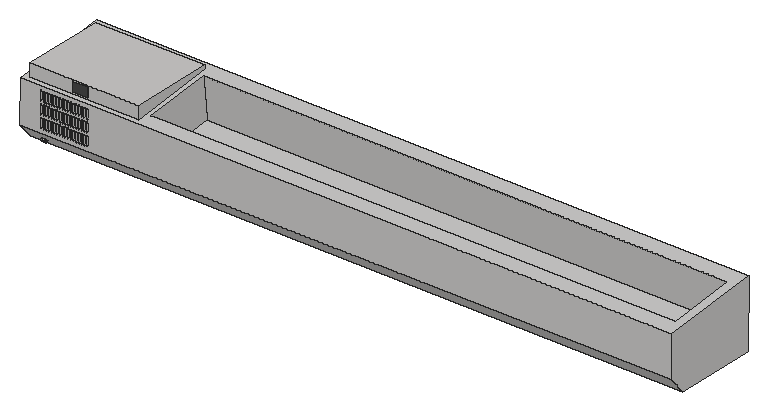
Revit family "QF_ELECTROLUXPROFESSIONAL_291216_ZVR2400H", category Specialty Equipment, Revit 2018
Family settings
  Round Connector Dimension = Use Diameter
  Part Type = Normal
  Work Plane-Based = No
  Always vertical = Yes
  Cut with Voids When Loaded = No
  Shared = No
  Room Calculation Point = No
Parameters
  Weight = 51.00 kg
  Watts = 0 W
  Volts = 0 V
  URL Manufacturer = ""
  URL = ""
  Steam Supply Size = 0 mm
  Steam Supply Minimum Pressure = 0.0 Pa
  Steam Supply Maximum Pressure = 0.0 Pa
  Steam Pounds per Hour = 0
  Show Clearence [instance] = yes
  Refrigeration Suction Line Size = 0 mm
  Refrigeration Liquid Line Size = 0 mm
  Refrigerant Compressor Remote = yes
  Manufacturer = ""
  Phase = 0
  Model = ""
  Length Actual = 2400 mm  # constant formula
  Item Number = ""
  Hot Water Size = 0 mm
  Height Actual = 250 mm  # constant formula
  HP = "0.3 HP"
  Gas Size = 0 mm
  Gas KW = 0
  Gas Input Pressure = 0 W
  Direct Waste Size = 0 mm
  Description = ""
  Depth Actual = 350 mm  # constant formula
  Cycle = 0 Hz
  Condensate Return Size = 0 mm
  Compressed Air Volume = 0.0 L/s
  Compressed Air Size = 0 mm
  Compressed Air Pressure = 0.0 Pa
  Cold Water Size = 0 mm
  Accessory = yes
Types (2, lengths in mm): name | Volts | URL Manufacturer | URL | Manufacturer | Phase | Model | Item Number | Description | Cycle
  (no name) | 0 V | "" | "" | "" | 0 | "" | "" | "" | 0 Hz
  Standard | 220 V | "http://professional.electrolux.com" | "http://professional.electrolux.com" | "Electrolux Professional" | 1 | "ZVR2400H" | "291216" | "BENCH TYPE REFRIGERATED SHOW CASE 2400MM R290" | 50 Hz
Reference planes
  plane 1 "Front": y = 0
  plane 2: z = 0
  plane 3 "Centro (Sinistra/Destra)": x = 0
  plane 4 "LEFT": x = -870
  plane 5 "RIGHT": x = 870
  plane 6 "BACK": y = 350
  plane 7: z = 150
  plane 8: z = 800
  plane 9: z = 840
  plane 10: z = 1005
  plane 11 "Left": x = -890
  plane 12 "Right": x = 1510
  plane 13: y = -1005
  plane 14: z = 1266
  plane 15: z = 1255
  plane 16: y = 50
  plane 17: z = 1218
  plane 18: y = 324
  plane 19: y = 20
  plane 20: x = -470
  plane 21: x = -452
  plane 22: x = 1479
  plane 23: y = 314
  plane 24: x = -851
  plane 25: x = 1471
Forms (mm)
  Extrusion 1, solid, material "QF_Finishes_Stainless Steel"
    sketch origin (0, 0, 0) x (0, 1, 0) y (0, 0, 1)
      loop
        line (350, 1005) -> (350, 1255) -> (0, 1218) -> (0, 1064.588) -> (50, 1005) -> (350, 1005)
    from -890 to 1510
  Extrusion 2, void
    sketch origin (0, 349.805, 1254.979) x (0, 0.994459, 0.105128) y (1, 0, 0)
      loop
        line (-54.87, 1479) -> (-298.31, 1479) -> (-298.31, -452) -> (-54.87, -452) -> (-54.87, 1479)
    from 0 to 154
  Extrusion 3, solid, material "QF_Finishes_Stainless Steel"
    sketch origin (0, 0, 0) x (0, 1, 0) y (0, 0, 1)
      loop
        line (20, 1220.114) -> (324, 1252.251) -> (324, 1266) -> (20, 1266) -> (20, 1220.114)
    from -870 to -470
  Extrusion 4, solid, material "QF_Finishes_Stainless Steel"
    sketch origin (-41.117, 58.099, 995.348) x (0, -0.642788, 0.766044) y (-1, 0, 0)
      loop
        circle (32.613, 788.883) r 10
    from 0 to 5
  Extrusion 5, solid, material "QF_Finishes_Black"
    sketch origin (0, 20, 1220.114) x (0, 0, 1) y (-1, 0, 0)
      loop
        line (40.886, 712.5) -> (5.979, 712.5) -> (5.979, 657.5) -> (40.886, 657.5) -> (40.886, 712.5)
    from 0 to 2
  Extrusion 6, void
    sketch origin (0, 0, 1234.854) x (0, 0, 1) y (1, 0, 0)
      loop
        arc (-32.985, -814.899) -> (-29.86, -811.774) -> (-32.985, -808.649) r 3.125
        line (-32.985, -808.649) -> (-62.985, -808.649)
        arc (-62.985, -808.649) -> (-66.11, -811.774) -> (-62.985, -814.899) r 3.125
        line (-62.985, -814.899) -> (-32.985, -814.899)
      loop
        arc (-77.985, -814.899) -> (-74.86, -811.774) -> (-77.985, -808.649) r 3.125
        line (-77.985, -808.649) -> (-107.985, -808.649)
        arc (-107.985, -808.649) -> (-111.11, -811.774) -> (-107.985, -814.899) r 3.125
        line (-107.985, -814.899) -> (-77.985, -814.899)
      loop
        arc (-122.985, -814.899) -> (-119.86, -811.774) -> (-122.985, -808.649) r 3.125
        line (-122.985, -808.649) -> (-152.985, -808.649)
        arc (-152.985, -808.649) -> (-156.11, -811.774) -> (-152.985, -814.899) r 3.125
        line (-152.985, -814.899) -> (-122.985, -814.899)
      loop
        arc (-32.985, -804.899) -> (-29.86, -801.774) -> (-32.985, -798.649) r 3.125
        line (-32.985, -798.649) -> (-62.985, -798.649)
        arc (-62.985, -798.649) -> (-66.11, -801.774) -> (-62.985, -804.899) r 3.125
        line (-62.985, -804.899) -> (-32.985, -804.899)
      loop
        arc (-77.985, -804.899) -> (-74.86, -801.774) -> (-77.985, -798.649) r 3.125
        line (-77.985, -798.649) -> (-107.985, -798.649)
        arc (-107.985, -798.649) -> (-111.11, -801.774) -> (-107.985, -804.899) r 3.125
        line (-107.985, -804.899) -> (-77.985, -804.899)
      loop
        arc (-122.985, -804.899) -> (-119.86, -801.774) -> (-122.985, -798.649) r 3.125
        line (-122.985, -798.649) -> (-152.985, -798.649)
        arc (-152.985, -798.649) -> (-156.11, -801.774) -> (-152.985, -804.899) r 3.125
        line (-152.985, -804.899) -> (-122.985, -804.899)
      loop
        arc (-32.985, -794.899) -> (-29.86, -791.774) -> (-32.985, -788.649) r 3.125
        line (-32.985, -788.649) -> (-62.985, -788.649)
        arc (-62.985, -788.649) -> (-66.11, -791.774) -> (-62.985, -794.899) r 3.125
        line (-62.985, -794.899) -> (-32.985, -794.899)
      loop
        arc (-77.985, -794.899) -> (-74.86, -791.774) -> (-77.985, -788.649) r 3.125
        line (-77.985, -788.649) -> (-107.985, -788.649)
        arc (-107.985, -788.649) -> (-111.11, -791.774) -> (-107.985, -794.899) r 3.125
        line (-107.985, -794.899) -> (-77.985, -794.899)
      loop
        arc (-122.985, -794.899) -> (-119.86, -791.774) -> (-122.985, -788.649) r 3.125
        line (-122.985, -788.649) -> (-152.985, -788.649)
        arc (-152.985, -788.649) -> (-156.11, -791.774) -> (-152.985, -794.899) r 3.125
        line (-152.985, -794.899) -> (-122.985, -794.899)
      loop
        arc (-32.985, -784.899) -> (-29.86, -781.774) -> (-32.985, -778.649) r 3.125
        line (-32.985, -778.649) -> (-62.985, -778.649)
        arc (-62.985, -778.649) -> (-66.11, -781.774) -> (-62.985, -784.899) r 3.125
        line (-62.985, -784.899) -> (-32.985, -784.899)
      loop
        arc (-77.985, -784.899) -> (-74.86, -781.774) -> (-77.985, -778.649) r 3.125
        line (-77.985, -778.649) -> (-107.985, -778.649)
        arc (-107.985, -778.649) -> (-111.11, -781.774) -> (-107.985, -784.899) r 3.125
        line (-107.985, -784.899) -> (-77.985, -784.899)
      loop
        arc (-122.985, -784.899) -> (-119.86, -781.774) -> (-122.985, -778.649) r 3.125
        line (-122.985, -778.649) -> (-152.985, -778.649)
        arc (-152.985, -778.649) -> (-156.11, -781.774) -> (-152.985, -784.899) r 3.125
        line (-152.985, -784.899) -> (-122.985, -784.899)
      loop
        arc (-32.985, -774.899) -> (-29.86, -771.774) -> (-32.985, -768.649) r 3.125
        line (-32.985, -768.649) -> (-62.985, -768.649)
        arc (-62.985, -768.649) -> (-66.11, -771.774) -> (-62.985, -774.899) r 3.125
        line (-62.985, -774.899) -> (-32.985, -774.899)
      loop
        arc (-77.985, -774.899) -> (-74.86, -771.774) -> (-77.985, -768.649) r 3.125
        line (-77.985, -768.649) -> (-107.985, -768.649)
        arc (-107.985, -768.649) -> (-111.11, -771.774) -> (-107.985, -774.899) r 3.125
        line (-107.985, -774.899) -> (-77.985, -774.899)
      loop
        arc (-122.985, -774.899) -> (-119.86, -771.774) -> (-122.985, -768.649) r 3.125
        line (-122.985, -768.649) -> (-152.985, -768.649)
        arc (-152.985, -768.649) -> (-156.11, -771.774) -> (-152.985, -774.899) r 3.125
        line (-152.985, -774.899) -> (-122.985, -774.899)
      loop
        arc (-32.985, -764.899) -> (-29.86, -761.774) -> (-32.985, -758.649) r 3.125
        line (-32.985, -758.649) -> (-62.985, -758.649)
        arc (-62.985, -758.649) -> (-66.11, -761.774) -> (-62.985, -764.899) r 3.125
        line (-62.985, -764.899) -> (-32.985, -764.899)
      loop
        arc (-77.985, -764.899) -> (-74.86, -761.774) -> (-77.985, -758.649) r 3.125
        line (-77.985, -758.649) -> (-107.985, -758.649)
        arc (-107.985, -758.649) -> (-111.11, -761.774) -> (-107.985, -764.899) r 3.125
        line (-107.985, -764.899) -> (-77.985, -764.899)
      loop
        arc (-122.985, -764.899) -> (-119.86, -761.774) -> (-122.985, -758.649) r 3.125
        line (-122.985, -758.649) -> (-152.985, -758.649)
        arc (-152.985, -758.649) -> (-156.11, -761.774) -> (-152.985, -764.899) r 3.125
        line (-152.985, -764.899) -> (-122.985, -764.899)
      loop
        arc (-32.985, -754.899) -> (-29.86, -751.774) -> (-32.985, -748.649) r 3.125
        line (-32.985, -748.649) -> (-62.985, -748.649)
        arc (-62.985, -748.649) -> (-66.11, -751.774) -> (-62.985, -754.899) r 3.125
        line (-62.985, -754.899) -> (-32.985, -754.899)
      loop
        arc (-77.985, -754.899) -> (-74.86, -751.774) -> (-77.985, -748.649) r 3.125
        line (-77.985, -748.649) -> (-107.985, -748.649)
        arc (-107.985, -748.649) -> (-111.11, -751.774) -> (-107.985, -754.899) r 3.125
        line (-107.985, -754.899) -> (-77.985, -754.899)
      loop
        arc (-122.985, -754.899) -> (-119.86, -751.774) -> (-122.985, -748.649) r 3.125
        line (-122.985, -748.649) -> (-152.985, -748.649)
        arc (-152.985, -748.649) -> (-156.11, -751.774) -> (-152.985, -754.899) r 3.125
        line (-152.985, -754.899) -> (-122.985, -754.899)
      loop
        arc (-32.985, -744.899) -> (-29.86, -741.774) -> (-32.985, -738.649) r 3.125
        line (-32.985, -738.649) -> (-62.985, -738.649)
        arc (-62.985, -738.649) -> (-66.11, -741.774) -> (-62.985, -744.899) r 3.125
        line (-62.985, -744.899) -> (-32.985, -744.899)
      loop
        arc (-77.985, -744.899) -> (-74.86, -741.774) -> (-77.985, -738.649) r 3.125
        line (-77.985, -738.649) -> (-107.985, -738.649)
        arc (-107.985, -738.649) -> (-111.11, -741.774) -> (-107.985, -744.899) r 3.125
        line (-107.985, -744.899) -> (-77.985, -744.899)
      loop
        arc (-122.985, -744.899) -> (-119.86, -741.774) -> (-122.985, -738.649) r 3.125
        line (-122.985, -738.649) -> (-152.985, -738.649)
        arc (-152.985, -738.649) -> (-156.11, -741.774) -> (-152.985, -744.899) r 3.125
        line (-152.985, -744.899) -> (-122.985, -744.899)
      loop
        arc (-32.985, -734.899) -> (-29.86, -731.774) -> (-32.985, -728.649) r 3.125
        line (-32.985, -728.649) -> (-62.985, -728.649)
        arc (-62.985, -728.649) -> (-66.11, -731.774) -> (-62.985, -734.899) r 3.125
        line (-62.985, -734.899) -> (-32.985, -734.899)
      loop
        arc (-77.985, -734.899) -> (-74.86, -731.774) -> (-77.985, -728.649) r 3.125
        line (-77.985, -728.649) -> (-107.985, -728.649)
        arc (-107.985, -728.649) -> (-111.11, -731.774) -> (-107.985, -734.899) r 3.125
        line (-107.985, -734.899) -> (-77.985, -734.899)
      loop
        arc (-122.985, -734.899) -> (-119.86, -731.774) -> (-122.985, -728.649) r 3.125
        line (-122.985, -728.649) -> (-152.985, -728.649)
        arc (-152.985, -728.649) -> (-156.11, -731.774) -> (-152.985, -734.899) r 3.125
        line (-152.985, -734.899) -> (-122.985, -734.899)
      loop
        arc (-32.985, -724.899) -> (-29.86, -721.774) -> (-32.985, -718.649) r 3.125
        line (-32.985, -718.649) -> (-62.985, -718.649)
        arc (-62.985, -718.649) -> (-66.11, -721.774) -> (-62.985, -724.899) r 3.125
        line (-62.985, -724.899) -> (-32.985, -724.899)
      loop
        arc (-77.985, -724.899) -> (-74.86, -721.774) -> (-77.985, -718.649) r 3.125
        line (-77.985, -718.649) -> (-107.985, -718.649)
        arc (-107.985, -718.649) -> (-111.11, -721.774) -> (-107.985, -724.899) r 3.125
        line (-107.985, -724.899) -> (-77.985, -724.899)
      loop
        arc (-122.985, -724.899) -> (-119.86, -721.774) -> (-122.985, -718.649) r 3.125
        line (-122.985, -718.649) -> (-152.985, -718.649)
        arc (-152.985, -718.649) -> (-156.11, -721.774) -> (-152.985, -724.899) r 3.125
        line (-152.985, -724.899) -> (-122.985, -724.899)
      loop
        arc (-32.985, -714.899) -> (-29.86, -711.774) -> (-32.985, -708.649) r 3.125
        line (-32.985, -708.649) -> (-62.985, -708.649)
        arc (-62.985, -708.649) -> (-66.11, -711.774) -> (-62.985, -714.899) r 3.125
        line (-62.985, -714.899) -> (-32.985, -714.899)
      loop
        arc (-77.985, -714.899) -> (-74.86, -711.774) -> (-77.985, -708.649) r 3.125
        line (-77.985, -708.649) -> (-107.985, -708.649)
        arc (-107.985, -708.649) -> (-111.11, -711.774) -> (-107.985, -714.899) r 3.125
        line (-107.985, -714.899) -> (-77.985, -714.899)
      loop
        arc (-122.985, -714.899) -> (-119.86, -711.774) -> (-122.985, -708.649) r 3.125
        line (-122.985, -708.649) -> (-152.985, -708.649)
        arc (-152.985, -708.649) -> (-156.11, -711.774) -> (-152.985, -714.899) r 3.125
        line (-152.985, -714.899) -> (-122.985, -714.899)
      loop
        arc (-32.985, -704.899) -> (-29.86, -701.774) -> (-32.985, -698.649) r 3.125
        line (-32.985, -698.649) -> (-62.985, -698.649)
        arc (-62.985, -698.649) -> (-66.11, -701.774) -> (-62.985, -704.899) r 3.125
        line (-62.985, -704.899) -> (-32.985, -704.899)
      loop
        arc (-77.985, -704.899) -> (-74.86, -701.774) -> (-77.985, -698.649) r 3.125
        line (-77.985, -698.649) -> (-107.985, -698.649)
        arc (-107.985, -698.649) -> (-111.11, -701.774) -> (-107.985, -704.899) r 3.125
        line (-107.985, -704.899) -> (-77.985, -704.899)
      loop
        arc (-122.985, -704.899) -> (-119.86, -701.774) -> (-122.985, -698.649) r 3.125
        line (-122.985, -698.649) -> (-152.985, -698.649)
        arc (-152.985, -698.649) -> (-156.11, -701.774) -> (-152.985, -704.899) r 3.125
        line (-152.985, -704.899) -> (-122.985, -704.899)
      loop
        arc (-32.985, -694.899) -> (-29.86, -691.774) -> (-32.985, -688.649) r 3.125
        line (-32.985, -688.649) -> (-62.985, -688.649)
        arc (-62.985, -688.649) -> (-66.11, -691.774) -> (-62.985, -694.899) r 3.125
        line (-62.985, -694.899) -> (-32.985, -694.899)
      loop
        arc (-77.985, -694.899) -> (-74.86, -691.774) -> (-77.985, -688.649) r 3.125
        line (-77.985, -688.649) -> (-107.985, -688.649)
        arc (-107.985, -688.649) -> (-111.11, -691.774) -> (-107.985, -694.899) r 3.125
        line (-107.985, -694.899) -> (-77.985, -694.899)
      loop
        arc (-122.985, -694.899) -> (-119.86, -691.774) -> (-122.985, -688.649) r 3.125
        line (-122.985, -688.649) -> (-152.985, -688.649)
        arc (-152.985, -688.649) -> (-156.11, -691.774) -> (-152.985, -694.899) r 3.125
        line (-152.985, -694.899) -> (-122.985, -694.899)
      loop
        arc (-32.985, -684.899) -> (-29.86, -681.774) -> (-32.985, -678.649) r 3.125
        line (-32.985, -678.649) -> (-62.985, -678.649)
        arc (-62.985, -678.649) -> (-66.11, -681.774) -> (-62.985, -684.899) r 3.125
        line (-62.985, -684.899) -> (-32.985, -684.899)
      loop
        arc (-77.985, -684.899) -> (-74.86, -681.774) -> (-77.985, -678.649) r 3.125
        line (-77.985, -678.649) -> (-107.985, -678.649)
        arc (-107.985, -678.649) -> (-111.11, -681.774) -> (-107.985, -684.899) r 3.125
        line (-107.985, -684.899) -> (-77.985, -684.899)
      loop
        arc (-122.985, -684.899) -> (-119.86, -681.774) -> (-122.985, -678.649) r 3.125
        line (-122.985, -678.649) -> (-152.985, -678.649)
        arc (-152.985, -678.649) -> (-156.11, -681.774) -> (-152.985, -684.899) r 3.125
        line (-152.985, -684.899) -> (-122.985, -684.899)
      loop
        arc (-32.985, -674.899) -> (-29.86, -671.774) -> (-32.985, -668.649) r 3.125
        line (-32.985, -668.649) -> (-62.985, -668.649)
        arc (-62.985, -668.649) -> (-66.11, -671.774) -> (-62.985, -674.899) r 3.125
        line (-62.985, -674.899) -> (-32.985, -674.899)
      loop
        arc (-77.985, -674.899) -> (-74.86, -671.774) -> (-77.985, -668.649) r 3.125
        line (-77.985, -668.649) -> (-107.985, -668.649)
        arc (-107.985, -668.649) -> (-111.11, -671.774) -> (-107.985, -674.899) r 3.125
        line (-107.985, -674.899) -> (-77.985, -674.899)
      loop
        arc (-122.985, -674.899) -> (-119.86, -671.774) -> (-122.985, -668.649) r 3.125
        line (-122.985, -668.649) -> (-152.985, -668.649)
        arc (-152.985, -668.649) -> (-156.11, -671.774) -> (-152.985, -674.899) r 3.125
        line (-152.985, -674.899) -> (-122.985, -674.899)
      loop
        arc (-32.985, -664.899) -> (-29.86, -661.774) -> (-32.985, -658.649) r 3.125
        line (-32.985, -658.649) -> (-62.985, -658.649)
        arc (-62.985, -658.649) -> (-66.11, -661.774) -> (-62.985, -664.899) r 3.125
        line (-62.985, -664.899) -> (-32.985, -664.899)
      loop
        arc (-77.985, -664.899) -> (-74.86, -661.774) -> (-77.985, -658.649) r 3.125
        line (-77.985, -658.649) -> (-107.985, -658.649)
        arc (-107.985, -658.649) -> (-111.11, -661.774) -> (-107.985, -664.899) r 3.125
        line (-107.985, -664.899) -> (-77.985, -664.899)
      loop
        arc (-122.985, -664.899) -> (-119.86, -661.774) -> (-122.985, -658.649) r 3.125
        line (-122.985, -658.649) -> (-152.985, -658.649)
        arc (-152.985, -658.649) -> (-156.11, -661.774) -> (-152.985, -664.899) r 3.125
        line (-152.985, -664.899) -> (-122.985, -664.899)
      loop
        arc (-32.985, -654.899) -> (-29.86, -651.774) -> (-32.985, -648.649) r 3.125
        line (-32.985, -648.649) -> (-62.985, -648.649)
        arc (-62.985, -648.649) -> (-66.11, -651.774) -> (-62.985, -654.899) r 3.125
        line (-62.985, -654.899) -> (-32.985, -654.899)
      loop
        arc (-77.985, -654.899) -> (-74.86, -651.774) -> (-77.985, -648.649) r 3.125
        line (-77.985, -648.649) -> (-107.985, -648.649)
        arc (-107.985, -648.649) -> (-111.11, -651.774) -> (-107.985, -654.899) r 3.125
        line (-107.985, -654.899) -> (-77.985, -654.899)
      loop
        arc (-122.985, -654.899) -> (-119.86, -651.774) -> (-122.985, -648.649) r 3.125
        line (-122.985, -648.649) -> (-152.985, -648.649)
        arc (-152.985, -648.649) -> (-156.11, -651.774) -> (-152.985, -654.899) r 3.125
        line (-152.985, -654.899) -> (-122.985, -654.899)
      loop
        arc (-32.985, -644.899) -> (-29.86, -641.774) -> (-32.985, -638.649) r 3.125
        line (-32.985, -638.649) -> (-62.985, -638.649)
        arc (-62.985, -638.649) -> (-66.11, -641.774) -> (-62.985, -644.899) r 3.125
        line (-62.985, -644.899) -> (-32.985, -644.899)
      loop
        arc (-77.985, -644.899) -> (-74.86, -641.774) -> (-77.985, -638.649) r 3.125
        line (-77.985, -638.649) -> (-107.985, -638.649)
        arc (-107.985, -638.649) -> (-111.11, -641.774) -> (-107.985, -644.899) r 3.125
        line (-107.985, -644.899) -> (-77.985, -644.899)
      loop
        arc (-122.985, -644.899) -> (-119.86, -641.774) -> (-122.985, -638.649) r 3.125
        line (-122.985, -638.649) -> (-152.985, -638.649)
        arc (-152.985, -638.649) -> (-156.11, -641.774) -> (-152.985, -644.899) r 3.125
        line (-152.985, -644.899) -> (-122.985, -644.899)
    from 0 to 5
  Extrusion 7, void
    sketch origin (-890, -490.899, 1244.854) x (0, 0, 1) y (0, -1, 0)
      loop
        arc (-22.985, -814.899) -> (-19.86, -811.774) -> (-22.985, -808.649) r 3.125
        line (-22.985, -808.649) -> (-52.985, -808.649)
        arc (-52.985, -808.649) -> (-56.11, -811.774) -> (-52.985, -814.899) r 3.125
        line (-52.985, -814.899) -> (-22.985, -814.899)
      loop
        arc (-67.985, -814.899) -> (-64.86, -811.774) -> (-67.985, -808.649) r 3.125
        line (-67.985, -808.649) -> (-97.985, -808.649)
        arc (-97.985, -808.649) -> (-101.11, -811.774) -> (-97.985, -814.899) r 3.125
        line (-97.985, -814.899) -> (-67.985, -814.899)
      loop
        arc (-112.985, -814.899) -> (-109.86, -811.774) -> (-112.985, -808.649) r 3.125
        line (-112.985, -808.649) -> (-142.985, -808.649)
        arc (-142.985, -808.649) -> (-146.11, -811.774) -> (-142.985, -814.899) r 3.125
        line (-142.985, -814.899) -> (-112.985, -814.899)
      loop
        arc (-22.985, -804.899) -> (-19.86, -801.774) -> (-22.985, -798.649) r 3.125
        line (-22.985, -798.649) -> (-52.985, -798.649)
        arc (-52.985, -798.649) -> (-56.11, -801.774) -> (-52.985, -804.899) r 3.125
        line (-52.985, -804.899) -> (-22.985, -804.899)
      loop
        arc (-67.985, -804.899) -> (-64.86, -801.774) -> (-67.985, -798.649) r 3.125
        line (-67.985, -798.649) -> (-97.985, -798.649)
        arc (-97.985, -798.649) -> (-101.11, -801.774) -> (-97.985, -804.899) r 3.125
        line (-97.985, -804.899) -> (-67.985, -804.899)
      loop
        arc (-112.985, -804.899) -> (-109.86, -801.774) -> (-112.985, -798.649) r 3.125
        line (-112.985, -798.649) -> (-142.985, -798.649)
        arc (-142.985, -798.649) -> (-146.11, -801.774) -> (-142.985, -804.899) r 3.125
        line (-142.985, -804.899) -> (-112.985, -804.899)
      loop
        arc (-22.985, -794.899) -> (-19.86, -791.774) -> (-22.985, -788.649) r 3.125
        line (-22.985, -788.649) -> (-52.985, -788.649)
        arc (-52.985, -788.649) -> (-56.11, -791.774) -> (-52.985, -794.899) r 3.125
        line (-52.985, -794.899) -> (-22.985, -794.899)
      loop
        arc (-67.985, -794.899) -> (-64.86, -791.774) -> (-67.985, -788.649) r 3.125
        line (-67.985, -788.649) -> (-97.985, -788.649)
        arc (-97.985, -788.649) -> (-101.11, -791.774) -> (-97.985, -794.899) r 3.125
        line (-97.985, -794.899) -> (-67.985, -794.899)
      loop
        arc (-112.985, -794.899) -> (-109.86, -791.774) -> (-112.985, -788.649) r 3.125
        line (-112.985, -788.649) -> (-142.985, -788.649)
        arc (-142.985, -788.649) -> (-146.11, -791.774) -> (-142.985, -794.899) r 3.125
        line (-142.985, -794.899) -> (-112.985, -794.899)
      loop
        arc (-22.985, -784.899) -> (-19.86, -781.774) -> (-22.985, -778.649) r 3.125
        line (-22.985, -778.649) -> (-52.985, -778.649)
        arc (-52.985, -778.649) -> (-56.11, -781.774) -> (-52.985, -784.899) r 3.125
        line (-52.985, -784.899) -> (-22.985, -784.899)
      loop
        arc (-67.985, -784.899) -> (-64.86, -781.774) -> (-67.985, -778.649) r 3.125
        line (-67.985, -778.649) -> (-97.985, -778.649)
        arc (-97.985, -778.649) -> (-101.11, -781.774) -> (-97.985, -784.899) r 3.125
        line (-97.985, -784.899) -> (-67.985, -784.899)
      loop
        arc (-112.985, -784.899) -> (-109.86, -781.774) -> (-112.985, -778.649) r 3.125
        line (-112.985, -778.649) -> (-142.985, -778.649)
        arc (-142.985, -778.649) -> (-146.11, -781.774) -> (-142.985, -784.899) r 3.125
        line (-142.985, -784.899) -> (-112.985, -784.899)
      loop
        arc (-22.985, -774.899) -> (-19.86, -771.774) -> (-22.985, -768.649) r 3.125
        line (-22.985, -768.649) -> (-52.985, -768.649)
        arc (-52.985, -768.649) -> (-56.11, -771.774) -> (-52.985, -774.899) r 3.125
        line (-52.985, -774.899) -> (-22.985, -774.899)
      loop
        arc (-67.985, -774.899) -> (-64.86, -771.774) -> (-67.985, -768.649) r 3.125
        line (-67.985, -768.649) -> (-97.985, -768.649)
        arc (-97.985, -768.649) -> (-101.11, -771.774) -> (-97.985, -774.899) r 3.125
        line (-97.985, -774.899) -> (-67.985, -774.899)
      loop
        arc (-112.985, -774.899) -> (-109.86, -771.774) -> (-112.985, -768.649) r 3.125
        line (-112.985, -768.649) -> (-142.985, -768.649)
        arc (-142.985, -768.649) -> (-146.11, -771.774) -> (-142.985, -774.899) r 3.125
        line (-142.985, -774.899) -> (-112.985, -774.899)
      loop
        arc (-67.985, -764.899) -> (-64.86, -761.774) -> (-67.985, -758.649) r 3.125
        line (-67.985, -758.649) -> (-97.985, -758.649)
        arc (-97.985, -758.649) -> (-101.11, -761.774) -> (-97.985, -764.899) r 3.125
        line (-97.985, -764.899) -> (-67.985, -764.899)
      loop
        arc (-112.985, -764.899) -> (-109.86, -761.774) -> (-112.985, -758.649) r 3.125
        line (-112.985, -758.649) -> (-142.985, -758.649)
        arc (-142.985, -758.649) -> (-146.11, -761.774) -> (-142.985, -764.899) r 3.125
        line (-142.985, -764.899) -> (-112.985, -764.899)
      loop
        arc (-22.985, -754.899) -> (-19.86, -751.774) -> (-22.985, -748.649) r 3.125
        line (-22.985, -748.649) -> (-52.985, -748.649)
        arc (-52.985, -748.649) -> (-56.11, -751.774) -> (-52.985, -754.899) r 3.125
        line (-52.985, -754.899) -> (-22.985, -754.899)
      loop
        arc (-67.985, -754.899) -> (-64.86, -751.774) -> (-67.985, -748.649) r 3.125
        line (-67.985, -748.649) -> (-97.985, -748.649)
        arc (-97.985, -748.649) -> (-101.11, -751.774) -> (-97.985, -754.899) r 3.125
        line (-97.985, -754.899) -> (-67.985, -754.899)
      loop
        arc (-112.985, -754.899) -> (-109.86, -751.774) -> (-112.985, -748.649) r 3.125
        line (-112.985, -748.649) -> (-142.985, -748.649)
        arc (-142.985, -748.649) -> (-146.11, -751.774) -> (-142.985, -754.899) r 3.125
        line (-142.985, -754.899) -> (-112.985, -754.899)
      loop
        arc (-22.985, -744.899) -> (-19.86, -741.774) -> (-22.985, -738.649) r 3.125
        line (-22.985, -738.649) -> (-52.985, -738.649)
        arc (-52.985, -738.649) -> (-56.11, -741.774) -> (-52.985, -744.899) r 3.125
        line (-52.985, -744.899) -> (-22.985, -744.899)
      loop
        arc (-67.985, -744.899) -> (-64.86, -741.774) -> (-67.985, -738.649) r 3.125
        line (-67.985, -738.649) -> (-97.985, -738.649)
        arc (-97.985, -738.649) -> (-101.11, -741.774) -> (-97.985, -744.899) r 3.125
        line (-97.985, -744.899) -> (-67.985, -744.899)
      loop
        arc (-112.985, -744.899) -> (-109.86, -741.774) -> (-112.985, -738.649) r 3.125
        line (-112.985, -738.649) -> (-142.985, -738.649)
        arc (-142.985, -738.649) -> (-146.11, -741.774) -> (-142.985, -744.899) r 3.125
        line (-142.985, -744.899) -> (-112.985, -744.899)
      loop
        arc (-22.985, -734.899) -> (-19.86, -731.774) -> (-22.985, -728.649) r 3.125
        line (-22.985, -728.649) -> (-52.985, -728.649)
        arc (-52.985, -728.649) -> (-56.11, -731.774) -> (-52.985, -734.899) r 3.125
        line (-52.985, -734.899) -> (-22.985, -734.899)
      loop
        arc (-67.985, -734.899) -> (-64.86, -731.774) -> (-67.985, -728.649) r 3.125
        line (-67.985, -728.649) -> (-97.985, -728.649)
        arc (-97.985, -728.649) -> (-101.11, -731.774) -> (-97.985, -734.899) r 3.125
        line (-97.985, -734.899) -> (-67.985, -734.899)
      loop
        arc (-112.985, -734.899) -> (-109.86, -731.774) -> (-112.985, -728.649) r 3.125
        line (-112.985, -728.649) -> (-142.985, -728.649)
        arc (-142.985, -728.649) -> (-146.11, -731.774) -> (-142.985, -734.899) r 3.125
        line (-142.985, -734.899) -> (-112.985, -734.899)
      loop
        arc (-22.985, -724.899) -> (-19.86, -721.774) -> (-22.985, -718.649) r 3.125
        line (-22.985, -718.649) -> (-52.985, -718.649)
        arc (-52.985, -718.649) -> (-56.11, -721.774) -> (-52.985, -724.899) r 3.125
        line (-52.985, -724.899) -> (-22.985, -724.899)
      loop
        arc (-67.985, -724.899) -> (-64.86, -721.774) -> (-67.985, -718.649) r 3.125
        line (-67.985, -718.649) -> (-97.985, -718.649)
        arc (-97.985, -718.649) -> (-101.11, -721.774) -> (-97.985, -724.899) r 3.125
        line (-97.985, -724.899) -> (-67.985, -724.899)
      loop
        arc (-112.985, -724.899) -> (-109.86, -721.774) -> (-112.985, -718.649) r 3.125
        line (-112.985, -718.649) -> (-142.985, -718.649)
        arc (-142.985, -718.649) -> (-146.11, -721.774) -> (-142.985, -724.899) r 3.125
        line (-142.985, -724.899) -> (-112.985, -724.899)
      loop
        arc (-22.985, -714.899) -> (-19.86, -711.774) -> (-22.985, -708.649) r 3.125
        line (-22.985, -708.649) -> (-52.985, -708.649)
        arc (-52.985, -708.649) -> (-56.11, -711.774) -> (-52.985, -714.899) r 3.125
        line (-52.985, -714.899) -> (-22.985, -714.899)
      loop
        arc (-67.985, -714.899) -> (-64.86, -711.774) -> (-67.985, -708.649) r 3.125
        line (-67.985, -708.649) -> (-97.985, -708.649)
        arc (-97.985, -708.649) -> (-101.11, -711.774) -> (-97.985, -714.899) r 3.125
        line (-97.985, -714.899) -> (-67.985, -714.899)
      loop
        arc (-112.985, -714.899) -> (-109.86, -711.774) -> (-112.985, -708.649) r 3.125
        line (-112.985, -708.649) -> (-142.985, -708.649)
        arc (-142.985, -708.649) -> (-146.11, -711.774) -> (-142.985, -714.899) r 3.125
        line (-142.985, -714.899) -> (-112.985, -714.899)
      loop
        arc (-22.985, -704.899) -> (-19.86, -701.774) -> (-22.985, -698.649) r 3.125
        line (-22.985, -698.649) -> (-52.985, -698.649)
        arc (-52.985, -698.649) -> (-56.11, -701.774) -> (-52.985, -704.899) r 3.125
        line (-52.985, -704.899) -> (-22.985, -704.899)
      loop
        arc (-67.985, -704.899) -> (-64.86, -701.774) -> (-67.985, -698.649) r 3.125
        line (-67.985, -698.649) -> (-97.985, -698.649)
        arc (-97.985, -698.649) -> (-101.11, -701.774) -> (-97.985, -704.899) r 3.125
        line (-97.985, -704.899) -> (-67.985, -704.899)
      loop
        arc (-112.985, -704.899) -> (-109.86, -701.774) -> (-112.985, -698.649) r 3.125
        line (-112.985, -698.649) -> (-142.985, -698.649)
        arc (-142.985, -698.649) -> (-146.11, -701.774) -> (-142.985, -704.899) r 3.125
        line (-142.985, -704.899) -> (-112.985, -704.899)
      loop
        arc (-22.985, -694.899) -> (-19.86, -691.774) -> (-22.985, -688.649) r 3.125
        line (-22.985, -688.649) -> (-52.985, -688.649)
        arc (-52.985, -688.649) -> (-56.11, -691.774) -> (-52.985, -694.899) r 3.125
        line (-52.985, -694.899) -> (-22.985, -694.899)
      loop
        arc (-67.985, -694.899) -> (-64.86, -691.774) -> (-67.985, -688.649) r 3.125
        line (-67.985, -688.649) -> (-97.985, -688.649)
        arc (-97.985, -688.649) -> (-101.11, -691.774) -> (-97.985, -694.899) r 3.125
        line (-97.985, -694.899) -> (-67.985, -694.899)
      loop
        arc (-112.985, -694.899) -> (-109.86, -691.774) -> (-112.985, -688.649) r 3.125
        line (-112.985, -688.649) -> (-142.985, -688.649)
        arc (-142.985, -688.649) -> (-146.11, -691.774) -> (-142.985, -694.899) r 3.125
        line (-142.985, -694.899) -> (-112.985, -694.899)
      loop
        arc (-22.985, -684.899) -> (-19.86, -681.774) -> (-22.985, -678.649) r 3.125
        line (-22.985, -678.649) -> (-52.985, -678.649)
        arc (-52.985, -678.649) -> (-56.11, -681.774) -> (-52.985, -684.899) r 3.125
        line (-52.985, -684.899) -> (-22.985, -684.899)
      loop
        arc (-67.985, -684.899) -> (-64.86, -681.774) -> (-67.985, -678.649) r 3.125
        line (-67.985, -678.649) -> (-97.985, -678.649)
        arc (-97.985, -678.649) -> (-101.11, -681.774) -> (-97.985, -684.899) r 3.125
        line (-97.985, -684.899) -> (-67.985, -684.899)
      loop
        arc (-112.985, -684.899) -> (-109.86, -681.774) -> (-112.985, -678.649) r 3.125
        line (-112.985, -678.649) -> (-142.985, -678.649)
        arc (-142.985, -678.649) -> (-146.11, -681.774) -> (-142.985, -684.899) r 3.125
        line (-142.985, -684.899) -> (-112.985, -684.899)
      loop
        arc (-22.985, -674.899) -> (-19.86, -671.774) -> (-22.985, -668.649) r 3.125
        line (-22.985, -668.649) -> (-52.985, -668.649)
        arc (-52.985, -668.649) -> (-56.11, -671.774) -> (-52.985, -674.899) r 3.125
        line (-52.985, -674.899) -> (-22.985, -674.899)
      loop
        arc (-67.985, -674.899) -> (-64.86, -671.774) -> (-67.985, -668.649) r 3.125
        line (-67.985, -668.649) -> (-97.985, -668.649)
        arc (-97.985, -668.649) -> (-101.11, -671.774) -> (-97.985, -674.899) r 3.125
        line (-97.985, -674.899) -> (-67.985, -674.899)
      loop
        arc (-112.985, -674.899) -> (-109.86, -671.774) -> (-112.985, -668.649) r 3.125
        line (-112.985, -668.649) -> (-142.985, -668.649)
        arc (-142.985, -668.649) -> (-146.11, -671.774) -> (-142.985, -674.899) r 3.125
        line (-142.985, -674.899) -> (-112.985, -674.899)
      loop
        arc (-22.985, -664.899) -> (-19.86, -661.774) -> (-22.985, -658.649) r 3.125
        line (-22.985, -658.649) -> (-52.985, -658.649)
        arc (-52.985, -658.649) -> (-56.11, -661.774) -> (-52.985, -664.899) r 3.125
        line (-52.985, -664.899) -> (-22.985, -664.899)
      loop
        arc (-67.985, -664.899) -> (-64.86, -661.774) -> (-67.985, -658.649) r 3.125
        line (-67.985, -658.649) -> (-97.985, -658.649)
        arc (-97.985, -658.649) -> (-101.11, -661.774) -> (-97.985, -664.899) r 3.125
        line (-97.985, -664.899) -> (-67.985, -664.899)
      loop
        arc (-112.985, -664.899) -> (-109.86, -661.774) -> (-112.985, -658.649) r 3.125
        line (-112.985, -658.649) -> (-142.985, -658.649)
        arc (-142.985, -658.649) -> (-146.11, -661.774) -> (-142.985, -664.899) r 3.125
        line (-142.985, -664.899) -> (-112.985, -664.899)
      loop
        arc (-22.985, -654.899) -> (-19.86, -651.774) -> (-22.985, -648.649) r 3.125
        line (-22.985, -648.649) -> (-52.985, -648.649)
        arc (-52.985, -648.649) -> (-56.11, -651.774) -> (-52.985, -654.899) r 3.125
        line (-52.985, -654.899) -> (-22.985, -654.899)
      loop
        arc (-67.985, -654.899) -> (-64.86, -651.774) -> (-67.985, -648.649) r 3.125
        line (-67.985, -648.649) -> (-97.985, -648.649)
        arc (-97.985, -648.649) -> (-101.11, -651.774) -> (-97.985, -654.899) r 3.125
        line (-97.985, -654.899) -> (-67.985, -654.899)
      loop
        arc (-112.985, -654.899) -> (-109.86, -651.774) -> (-112.985, -648.649) r 3.125
        line (-112.985, -648.649) -> (-142.985, -648.649)
        arc (-142.985, -648.649) -> (-146.11, -651.774) -> (-142.985, -654.899) r 3.125
        line (-142.985, -654.899) -> (-112.985, -654.899)
      loop
        arc (-22.985, -644.899) -> (-19.86, -641.774) -> (-22.985, -638.649) r 3.125
        line (-22.985, -638.649) -> (-52.985, -638.649)
        arc (-52.985, -638.649) -> (-56.11, -641.774) -> (-52.985, -644.899) r 3.125
        line (-52.985, -644.899) -> (-22.985, -644.899)
      loop
        arc (-67.985, -644.899) -> (-64.86, -641.774) -> (-67.985, -638.649) r 3.125
        line (-67.985, -638.649) -> (-97.985, -638.649)
        arc (-97.985, -638.649) -> (-101.11, -641.774) -> (-97.985, -644.899) r 3.125
        line (-97.985, -644.899) -> (-67.985, -644.899)
      loop
        arc (-112.985, -644.899) -> (-109.86, -641.774) -> (-112.985, -638.649) r 3.125
        line (-112.985, -638.649) -> (-142.985, -638.649)
        arc (-142.985, -638.649) -> (-146.11, -641.774) -> (-142.985, -644.899) r 3.125
        line (-142.985, -644.899) -> (-112.985, -644.899)
      loop
        arc (-22.985, -764.899) -> (-19.86, -761.774) -> (-22.985, -758.649) r 3.125
        line (-22.985, -758.649) -> (-52.985, -758.649)
        arc (-52.985, -758.649) -> (-56.11, -761.774) -> (-52.985, -764.899) r 3.125
        line (-52.985, -764.899) -> (-22.985, -764.899)
      loop
        arc (-157.985, -814.899) -> (-154.86, -811.774) -> (-157.985, -808.649) r 3.125
        line (-157.985, -808.649) -> (-187.985, -808.649)
        arc (-187.985, -808.649) -> (-191.11, -811.774) -> (-187.985, -814.899) r 3.125
        line (-187.985, -814.899) -> (-157.985, -814.899)
      loop
        arc (-202.985, -814.899) -> (-199.86, -811.774) -> (-202.985, -808.649) r 3.125
        line (-202.985, -808.649) -> (-232.985, -808.649)
        arc (-232.985, -808.649) -> (-236.11, -811.774) -> (-232.985, -814.899) r 3.125
        line (-232.985, -814.899) -> (-202.985, -814.899)
      loop
        arc (-157.985, -804.899) -> (-154.86, -801.774) -> (-157.985, -798.649) r 3.125
        line (-157.985, -798.649) -> (-187.985, -798.649)
        arc (-187.985, -798.649) -> (-191.11, -801.774) -> (-187.985, -804.899) r 3.125
        line (-187.985, -804.899) -> (-157.985, -804.899)
      loop
        arc (-202.985, -804.899) -> (-199.86, -801.774) -> (-202.985, -798.649) r 3.125
        line (-202.985, -798.649) -> (-232.985, -798.649)
        arc (-232.985, -798.649) -> (-236.11, -801.774) -> (-232.985, -804.899) r 3.125
        line (-232.985, -804.899) -> (-202.985, -804.899)
      loop
        arc (-157.985, -794.899) -> (-154.86, -791.774) -> (-157.985, -788.649) r 3.125
        line (-157.985, -788.649) -> (-187.985, -788.649)
        arc (-187.985, -788.649) -> (-191.11, -791.774) -> (-187.985, -794.899) r 3.125
        line (-187.985, -794.899) -> (-157.985, -794.899)
      loop
        arc (-202.985, -794.899) -> (-199.86, -791.774) -> (-202.985, -788.649) r 3.125
        line (-202.985, -788.649) -> (-232.985, -788.649)
        arc (-232.985, -788.649) -> (-236.11, -791.774) -> (-232.985, -794.899) r 3.125
        line (-232.985, -794.899) -> (-202.985, -794.899)
      loop
        arc (-157.985, -784.899) -> (-154.86, -781.774) -> (-157.985, -778.649) r 3.125
        line (-157.985, -778.649) -> (-187.985, -778.649)
        arc (-187.985, -778.649) -> (-191.11, -781.774) -> (-187.985, -784.899) r 3.125
        line (-187.985, -784.899) -> (-157.985, -784.899)
      loop
        arc (-202.985, -784.899) -> (-199.86, -781.774) -> (-202.985, -778.649) r 3.125
        line (-202.985, -778.649) -> (-232.985, -778.649)
        arc (-232.985, -778.649) -> (-236.11, -781.774) -> (-232.985, -784.899) r 3.125
        line (-232.985, -784.899) -> (-202.985, -784.899)
      loop
        arc (-157.985, -774.899) -> (-154.86, -771.774) -> (-157.985, -768.649) r 3.125
        line (-157.985, -768.649) -> (-187.985, -768.649)
        arc (-187.985, -768.649) -> (-191.11, -771.774) -> (-187.985, -774.899) r 3.125
        line (-187.985, -774.899) -> (-157.985, -774.899)
      loop
        arc (-202.985, -774.899) -> (-199.86, -771.774) -> (-202.985, -768.649) r 3.125
        line (-202.985, -768.649) -> (-232.985, -768.649)
        arc (-232.985, -768.649) -> (-236.11, -771.774) -> (-232.985, -774.899) r 3.125
        line (-232.985, -774.899) -> (-202.985, -774.899)
      loop
        arc (-157.985, -764.899) -> (-154.86, -761.774) -> (-157.985, -758.649) r 3.125
        line (-157.985, -758.649) -> (-187.985, -758.649)
        arc (-187.985, -758.649) -> (-191.11, -761.774) -> (-187.985, -764.899) r 3.125
        line (-187.985, -764.899) -> (-157.985, -764.899)
      loop
        arc (-202.985, -764.899) -> (-199.86, -761.774) -> (-202.985, -758.649) r 3.125
        line (-202.985, -758.649) -> (-232.985, -758.649)
        arc (-232.985, -758.649) -> (-236.11, -761.774) -> (-232.985, -764.899) r 3.125
        line (-232.985, -764.899) -> (-202.985, -764.899)
      loop
        arc (-157.985, -754.899) -> (-154.86, -751.774) -> (-157.985, -748.649) r 3.125
        line (-157.985, -748.649) -> (-187.985, -748.649)
        arc (-187.985, -748.649) -> (-191.11, -751.774) -> (-187.985, -754.899) r 3.125
        line (-187.985, -754.899) -> (-157.985, -754.899)
      loop
        arc (-202.985, -754.899) -> (-199.86, -751.774) -> (-202.985, -748.649) r 3.125
        line (-202.985, -748.649) -> (-232.985, -748.649)
        arc (-232.985, -748.649) -> (-236.11, -751.774) -> (-232.985, -754.899) r 3.125
        line (-232.985, -754.899) -> (-202.985, -754.899)
      loop
        arc (-157.985, -744.899) -> (-154.86, -741.774) -> (-157.985, -738.649) r 3.125
        line (-157.985, -738.649) -> (-187.985, -738.649)
        arc (-187.985, -738.649) -> (-191.11, -741.774) -> (-187.985, -744.899) r 3.125
        line (-187.985, -744.899) -> (-157.985, -744.899)
      loop
        arc (-202.985, -744.899) -> (-199.86, -741.774) -> (-202.985, -738.649) r 3.125
        line (-202.985, -738.649) -> (-232.985, -738.649)
        arc (-232.985, -738.649) -> (-236.11, -741.774) -> (-232.985, -744.899) r 3.125
        line (-232.985, -744.899) -> (-202.985, -744.899)
      loop
        arc (-157.985, -734.899) -> (-154.86, -731.774) -> (-157.985, -728.649) r 3.125
        line (-157.985, -728.649) -> (-187.985, -728.649)
        arc (-187.985, -728.649) -> (-191.11, -731.774) -> (-187.985, -734.899) r 3.125
        line (-187.985, -734.899) -> (-157.985, -734.899)
      loop
        arc (-202.985, -734.899) -> (-199.86, -731.774) -> (-202.985, -728.649) r 3.125
        line (-202.985, -728.649) -> (-232.985, -728.649)
        arc (-232.985, -728.649) -> (-236.11, -731.774) -> (-232.985, -734.899) r 3.125
        line (-232.985, -734.899) -> (-202.985, -734.899)
      loop
        arc (-157.985, -724.899) -> (-154.86, -721.774) -> (-157.985, -718.649) r 3.125
        line (-157.985, -718.649) -> (-187.985, -718.649)
        arc (-187.985, -718.649) -> (-191.11, -721.774) -> (-187.985, -724.899) r 3.125
        line (-187.985, -724.899) -> (-157.985, -724.899)
      loop
        arc (-202.985, -724.899) -> (-199.86, -721.774) -> (-202.985, -718.649) r 3.125
        line (-202.985, -718.649) -> (-232.985, -718.649)
        arc (-232.985, -718.649) -> (-236.11, -721.774) -> (-232.985, -724.899) r 3.125
        line (-232.985, -724.899) -> (-202.985, -724.899)
      loop
        arc (-157.985, -714.899) -> (-154.86, -711.774) -> (-157.985, -708.649) r 3.125
        line (-157.985, -708.649) -> (-187.985, -708.649)
        arc (-187.985, -708.649) -> (-191.11, -711.774) -> (-187.985, -714.899) r 3.125
        line (-187.985, -714.899) -> (-157.985, -714.899)
      loop
        arc (-202.985, -714.899) -> (-199.86, -711.774) -> (-202.985, -708.649) r 3.125
        line (-202.985, -708.649) -> (-232.985, -708.649)
        arc (-232.985, -708.649) -> (-236.11, -711.774) -> (-232.985, -714.899) r 3.125
        line (-232.985, -714.899) -> (-202.985, -714.899)
      loop
        arc (-157.985, -704.899) -> (-154.86, -701.774) -> (-157.985, -698.649) r 3.125
        line (-157.985, -698.649) -> (-187.985, -698.649)
        arc (-187.985, -698.649) -> (-191.11, -701.774) -> (-187.985, -704.899) r 3.125
        line (-187.985, -704.899) -> (-157.985, -704.899)
      loop
        arc (-202.985, -704.899) -> (-199.86, -701.774) -> (-202.985, -698.649) r 3.125
        line (-202.985, -698.649) -> (-232.985, -698.649)
        arc (-232.985, -698.649) -> (-236.11, -701.774) -> (-232.985, -704.899) r 3.125
        line (-232.985, -704.899) -> (-202.985, -704.899)
      loop
        arc (-157.985, -694.899) -> (-154.86, -691.774) -> (-157.985, -688.649) r 3.125
        line (-157.985, -688.649) -> (-187.985, -688.649)
        arc (-187.985, -688.649) -> (-191.11, -691.774) -> (-187.985, -694.899) r 3.125
        line (-187.985, -694.899) -> (-157.985, -694.899)
      loop
        arc (-202.985, -694.899) -> (-199.86, -691.774) -> (-202.985, -688.649) r 3.125
        line (-202.985, -688.649) -> (-232.985, -688.649)
        arc (-232.985, -688.649) -> (-236.11, -691.774) -> (-232.985, -694.899) r 3.125
        line (-232.985, -694.899) -> (-202.985, -694.899)
      loop
        arc (-157.985, -684.899) -> (-154.86, -681.774) -> (-157.985, -678.649) r 3.125
        line (-157.985, -678.649) -> (-187.985, -678.649)
        arc (-187.985, -678.649) -> (-191.11, -681.774) -> (-187.985, -684.899) r 3.125
        line (-187.985, -684.899) -> (-157.985, -684.899)
      loop
        arc (-202.985, -684.899) -> (-199.86, -681.774) -> (-202.985, -678.649) r 3.125
        line (-202.985, -678.649) -> (-232.985, -678.649)
        arc (-232.985, -678.649) -> (-236.11, -681.774) -> (-232.985, -684.899) r 3.125
        line (-232.985, -684.899) -> (-202.985, -684.899)
      loop
        arc (-157.985, -674.899) -> (-154.86, -671.774) -> (-157.985, -668.649) r 3.125
        line (-157.985, -668.649) -> (-187.985, -668.649)
        arc (-187.985, -668.649) -> (-191.11, -671.774) -> (-187.985, -674.899) r 3.125
        line (-187.985, -674.899) -> (-157.985, -674.899)
      loop
        arc (-202.985, -674.899) -> (-199.86, -671.774) -> (-202.985, -668.649) r 3.125
        line (-202.985, -668.649) -> (-232.985, -668.649)
        arc (-232.985, -668.649) -> (-236.11, -671.774) -> (-232.985, -674.899) r 3.125
        line (-232.985, -674.899) -> (-202.985, -674.899)
      loop
        arc (-157.985, -664.899) -> (-154.86, -661.774) -> (-157.985, -658.649) r 3.125
        line (-157.985, -658.649) -> (-187.985, -658.649)
        arc (-187.985, -658.649) -> (-191.11, -661.774) -> (-187.985, -664.899) r 3.125
        line (-187.985, -664.899) -> (-157.985, -664.899)
      loop
        arc (-202.985, -664.899) -> (-199.86, -661.774) -> (-202.985, -658.649) r 3.125
        line (-202.985, -658.649) -> (-232.985, -658.649)
        arc (-232.985, -658.649) -> (-236.11, -661.774) -> (-232.985, -664.899) r 3.125
        line (-232.985, -664.899) -> (-202.985, -664.899)
      loop
        arc (-157.985, -654.899) -> (-154.86, -651.774) -> (-157.985, -648.649) r 3.125
        line (-157.985, -648.649) -> (-187.985, -648.649)
        arc (-187.985, -648.649) -> (-191.11, -651.774) -> (-187.985, -654.899) r 3.125
        line (-187.985, -654.899) -> (-157.985, -654.899)
      loop
        arc (-202.985, -654.899) -> (-199.86, -651.774) -> (-202.985, -648.649) r 3.125
        line (-202.985, -648.649) -> (-232.985, -648.649)
        arc (-232.985, -648.649) -> (-236.11, -651.774) -> (-232.985, -654.899) r 3.125
        line (-232.985, -654.899) -> (-202.985, -654.899)
      loop
        arc (-157.985, -644.899) -> (-154.86, -641.774) -> (-157.985, -638.649) r 3.125
        line (-157.985, -638.649) -> (-187.985, -638.649)
        arc (-187.985, -638.649) -> (-191.11, -641.774) -> (-187.985, -644.899) r 3.125
        line (-187.985, -644.899) -> (-157.985, -644.899)
      loop
        arc (-202.985, -644.899) -> (-199.86, -641.774) -> (-202.985, -638.649) r 3.125
        line (-202.985, -638.649) -> (-232.985, -638.649)
        arc (-232.985, -638.649) -> (-236.11, -641.774) -> (-232.985, -644.899) r 3.125
        line (-232.985, -644.899) -> (-202.985, -644.899)
    from 0 to 5
  Extrusion 8, solid, material "QF_Finishes_Stainless Steel"
    sketch origin (0, 0, 840) x (1, 0, 0) y (0, 1, 0)
      loop
        circle (-851, 314) r 4
    from 160.39 to 165
  Extrusion 9, solid, material "QF_Finishes_Stainless Steel"
    sketch origin (0, 0, 840) x (1, 0, 0) y (0, 1, 0)
      loop
        circle (1471, 314) r 4
    from 160.39 to 165
Cuts and joins
  Extrusion 2, Extrusion 6, Extrusion 7 cuts Extrusion 1
Lines and regions (mm)
  symbolic lines
    curve 1: line (-890, 350, 840) -> (1510, 350, 840)
    curve 2: line (-890, 0, 840) -> (-890, 350, 840)
    curve 3: line (1510, 0, 840) -> (-890, 0, 840)
    curve 4: line (1510, 350, 840) -> (1510, 0, 840)
    curve 5: line (-870, 324, 840) -> (-870, 20, 840)
    curve 6: line (-470, 324, 840) -> (-870, 324, 840)
    curve 7: line (-470, 20, 840) -> (-470, 324, 840)
    curve 8: line (-870, 20, 840) -> (-470, 20, 840)
    curve 9: line (-452, 295.239, 840) -> (-452, 53.148, 840)
    curve 10: line (-452, 295.239, 840) -> (1479, 295.239, 840)
    curve 11: line (1479, 53.148, 840) -> (-452, 53.148, 840)
    curve 12: line (1479, 53.148, 840) -> (1479, 295.239, 840)
Dimensions and locks
  equal spacing: plane 4 "LEFT", plane 3 "Centro (Sinistra/Destra)", plane 5 "RIGHT"
  plane 4 "LEFT" to plane 5 "RIGHT" = 1740 mm
  plane 6 "BACK" to plane 1 "Front" = 350 mm  (x2)
  plane 7 to plane 2 = 150 mm
  plane 9 to plane 2 = 840 mm
  plane 8 to plane 2 = 800 mm
  plane 10 to plane 2 = 1005 mm
  locked: plane 11 "Left" to plane 4 "LEFT" at 20
  plane 5 "RIGHT" to plane 12 "Right" = 640 mm
  plane 11 "Left" to plane 12 "Right" = 2400 mm
  plane 6 "BACK" to plane 13 = 1355 mm
  plane 10 to plane 9 = 165 mm
  plane 14 to plane 10 = 261 mm
  plane 15 to plane 10 = 250 mm
  plane 6 "BACK" to plane 16 = 300 mm
  plane 16 to plane 1 "Front" = 50 mm
  plane 17 to plane 10 = 213 mm
  plane 6 "BACK" to plane 18 = 26 mm
  plane 19 to plane 1 "Front" = 20 mm
  plane 18 to plane 19 = 304 mm
  plane 4 "LEFT" to plane 20 = 400 mm
  locked: plane 20 to plane 21 at 18
  plane 21 to plane 22 = 1931 mm
  locked: plane 22 to plane 12 "Right" at 31
  plane 11 "Left" to plane 21 = 438 mm
  cut or joined group of Extrusion 1, Extrusion 2, Extrusion 6, Extrusion 7 to cut or joined group of Extrusion 1, Extrusion 2, Extrusion 6, Extrusion 7 to cut or joined group of Extrusion 1, Extrusion 2, Extrusion 6, Extrusion 7 = 243.44 mm, 53.444 mm
  cut or joined group of Extrusion 1, Extrusion 2, Extrusion 6, Extrusion 7 to cut or joined group of Extrusion 1, Extrusion 2, Extrusion 6, Extrusion 7 = 55.066 mm
  cut or joined group of Extrusion 1, Extrusion 2, Extrusion 6, Extrusion 7 to cut or joined group of Extrusion 1, Extrusion 2, Extrusion 6, Extrusion 7 = 154 mm
  cut or joined group of Extrusion 1, Extrusion 2, Extrusion 6, Extrusion 7 to cut or joined group of Extrusion 1, Extrusion 2, Extrusion 6, Extrusion 7 = 351.95 mm
  Extrusion 4 to plane 11 "Left" = 60 mm
  locked: plane 6 "BACK" to plane 23 at 36
  locked: plane 11 "Left" to plane 24 at 39
  locked: plane 25 to plane 12 "Right" at 39
  aligned and locked: level to plane 2
  aligned and locked: plane 14 to Extrusion 3
  aligned and locked: Extrusion 3 to plane 18
  aligned and locked: plane 19 to Extrusion 3
  aligned and locked: plane 20 to Extrusion 3
  aligned and locked: Extrusion 3 to plane 4 "LEFT"
  aligned and locked: plane 22 to Extrusion 2
  aligned and locked: Extrusion 3 sketch curve to cut or joined group of Extrusion 1, Extrusion 2, Extrusion 6, Extrusion 7
  aligned and locked: plane 10 to Extrusion 9
  aligned and locked: Extrusion 2 to plane 21
  aligned and locked: plane 12 "Right" to Extrusion 1
Automatic sketch dimensions
  Extrusion 1 sketch curve to plane 1 "Front" = 0 mm
  Extrusion 1 sketch curve to plane 10 = 0 mm
  Extrusion 1 sketch curve to plane 16 = 0 mm
  Extrusion 1 sketch curve to plane 6 "BACK" = 0 mm
  Extrusion 1 sketch curve to plane 17 = 0 mm
  plane 10 to Extrusion 1 sketch curve = 59.588 mm
  Extrusion 1 sketch curve to plane 15 = 0 mm
  Extrusion 1 to Extrusion 2 sketch curve = 53.444 mm
  Extrusion 1 to Extrusion 2 sketch curve = 55.066 mm
  Extrusion 2 sketch curve to Extrusion 1 = 438 mm
  Extrusion 2 sketch curve to Extrusion 1 = 31 mm
  Extrusion 3 sketch curve to plane 14 = 0 mm
  Extrusion 3 sketch curve to plane 19 = 0 mm
  Extrusion 3 sketch curve to plane 18 = 0 mm
  Extrusion 4 sketch curve to Extrusion 1 = 20.013 mm
  Extrusion 1 to Extrusion 4 sketch curve = 60 mm
  Extrusion 5 sketch curve to Extrusion 3 = 5.979 mm
  Extrusion 5 sketch curve to Extrusion 3 = 5 mm
  Extrusion 3 to Extrusion 5 sketch curve = 187.5 mm
  Extrusion 5 sketch curve to Extrusion 5 sketch curve = 55 mm
  Extrusion 1 to Extrusion 6 sketch curve = 17.281 mm  (x2)
  Extrusion 6 sketch curve to Extrusion 6 sketch curve = 0 mm  (x90)
  Extrusion 6 sketch curve to Extrusion 6 sketch curve = 30 mm  (x5)
  Extrusion 6 sketch curve to Extrusion 6 sketch curve = 15 mm  (x9)
  Extrusion 6 sketch curve to Extrusion 1 = 16.131 mm  (x3)
  Extrusion 6 sketch curve to Extrusion 1 = 75.101 mm  (x2)
  Extrusion 6 sketch curve to Extrusion 6 sketch curve = 3.125 mm  (x54)
  Extrusion 6 sketch curve to Extrusion 6 sketch curve = 3.75 mm  (x51)
  Extrusion 7 sketch curve to plane 18 = 0 mm  (x5)
  plane 10 to Extrusion 7 sketch curve = 6.869 mm  (x18)
  plane 10 to Extrusion 7 sketch curve = 36.869 mm  (x3)
  Extrusion 7 sketch curve to Extrusion 7 sketch curve = 0 mm  (x125)
  Extrusion 7 sketch curve to Extrusion 7 sketch curve = 15 mm  (x17)
  plane 18 to Extrusion 7 sketch curve = 3.125 mm  (x3)
  Extrusion 7 sketch curve to Extrusion 7 sketch curve = 30 mm  (x7)
  plane 18 to Extrusion 7 sketch curve = 13.125 mm
  plane 17 to Extrusion 7 sketch curve = 3.869 mm  (x10)
  Extrusion 7 sketch curve to Extrusion 7 sketch curve = 3.125 mm  (x87)
  Extrusion 7 sketch curve to Extrusion 7 sketch curve = 3.75 mm  (x84)
  Extrusion 8 sketch curve to plane 23 = 0 mm
  Extrusion 8 sketch curve to plane 24 = 0 mm
  Extrusion 9 sketch curve to plane 23 = 0 mm
  Extrusion 9 sketch curve to plane 25 = 0 mm
  plane 1 "Front" to curve 3 = 0 mm
  curve 3 to plane 11 "Left" = 0 mm
  curve 3 to plane 12 "Right" = 0 mm
  curve 2 to plane 6 "BACK" = 0 mm
  curve 5 to plane 4 "LEFT" = 0 mm
  plane 18 to curve 6 = 0 mm
  curve 6 to plane 20 = 0 mm
  plane 19 to curve 7 = 0 mm
  curve 9 to plane 16 = 3.148 mm
  curve 11 to plane 22 = 0 mm
  curve 12 to plane 23 = 18.761 mm
  curve 9 to plane 21 = 0 mm
  radius of Extrusion 4 sketch curve = 10 mm
  radius of Extrusion 8 sketch curve = 4 mm
  radius of Extrusion 9 sketch curve = 4 mm
Connectors
  electrical at (-830, 33.306, 1017.117)
    settings: on Extrusion 4, index 1, voltage 0 V, apparent load 0 VA, apparent load phase1 0 VA, apparent load phase2 0 VA, apparent load phase3 0 VA, power factor 1, load classification "Altro", number of poles 1, system type 31, power factor state 1, is connector primary yes, connector utility no, sub classification motor no, connector description "Electrical"
